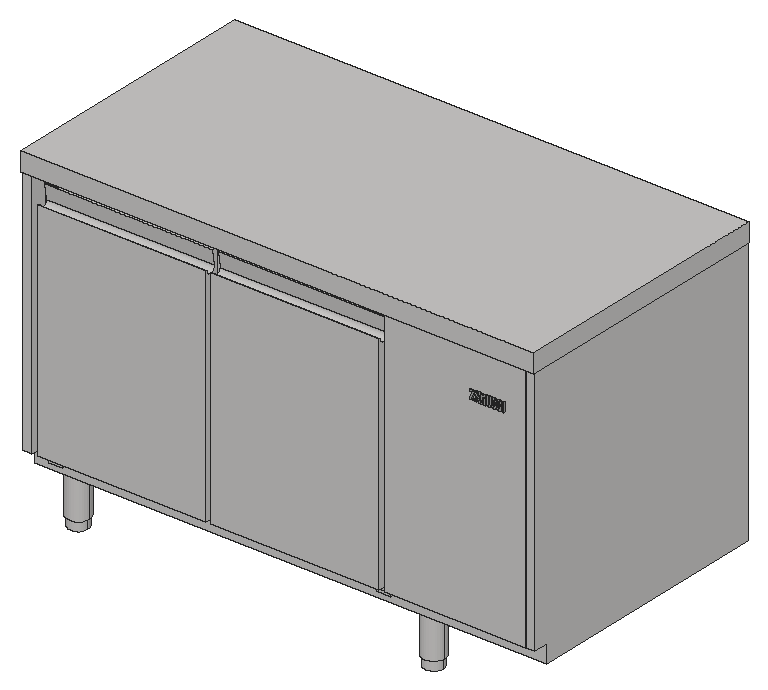
Revit family "QF_ZANUSSI_111024_ZH2HDAA", category Specialty Equipment, Revit 2018
Family settings
  Round Connector Dimension = Use Diameter
  Part Type = Normal
  Work Plane-Based = No
  Always vertical = Yes
  Cut with Voids When Loaded = No
  Shared = No
  Room Calculation Point = No
Parameters
  Weight = 0.00 kg
  Watts = 0.0232258 W
  Volts = 220 V
  URL Manufacturer = "http://www.zanussiprofessional.com/"
  URL = "http://www.zanussiprofessional.com/"
  Steam Supply Size = 0 mm
  Steam Supply Minimum Pressure = 0.0 Pa
  Steam Supply Maximum Pressure = 0.0 Pa
  Steam Pounds per Hour = 0
  Show Logo [instance] = yes
  Show Clearance [instance] = yes
  Refrigeration Suction Line Size = 0 mm
  Refrigeration Liquid Line Size = 0 mm
  Refrigerant Compressor Remote = yes
  Manufacturer = "Zanussi"
  Phase = 1
  Model = "ZH2HDAA"
  Length Actual = 1345 mm  # constant formula
  Item Number = "111024"
  Hot Water Size = 0 mm
  Height Actual = 900 mm  # constant formula
  HP = "0.3 HP"
  Gas Size = 0 mm
  Gas KW = 0
  Gas Input Pressure = 0 W
  Description = "2DOORS REFR.TABLE 290L-COOLING UNIT RGT"
  Depth Actual = 700 mm  # constant formula
  Cycle = 50 Hz
  Condensate Return Size = 0 mm
  Compressed Air Volume = 0.0 L/s
  Compressed Air Size = 0 mm
  Compressed Air Pressure = 0.0 Pa
  Cold Water Size = 0 mm
  Accessory = yes
Reference planes
  plane 1 "Center X": y = 182.5
  plane 2: z = 0
  plane 3 "Center Y": x = -126.5
  plane 4: y = -62.5
  plane 5: y = 451.5
  plane 6 "BACK": y = 532.5
  plane 7 "FRONT": y = -167.5
  plane 8: x = -731
  plane 9: x = 199
  plane 10: z = 150
  plane 11 "TOP": z = 900
  plane 12: z = 850
  plane 13 "LEFT": x = -797
  plane 14 "RIGHT": x = 544
  plane 15: x = -799
  plane 16: x = 546
Forms (mm)
  Extrusion 1, solid, material "QF_Finishes_Stainless Steel"
    sketch origin (-126.5, 2, 0) x (0, 1, 0) y (0, 0, 1)
      loop
        line (530.5, 150) -> (530.5, 850) -> (-124.5, 850) -> (-124.5, 150) -> (530.5, 150)
    from -670.5 to 670.5
  Extrusion 2, solid, material "QF_Finishes_Stainless Steel"
    sketch origin (-1022.223, -1524, 150) x (-1, 0, 0) y (0, -1, 0)
      loop
        line (-225.223, -1361.5) -> (-250.223, -1361.5) -> (-250.223, -1401.5) -> (-225.223, -1401.5) -> (-225.223, -1361.5)
      loop
        line (-1566.223, -1401.5) -> (-1541.223, -1401.5) -> (-1541.223, -1361.5) -> (-1566.223, -1361.5) -> (-1566.223, -1401.5)
    from 47 to 700
  Extrusion 3, solid, material "QF_Finishes_Stainless Steel"
    sketch origin (0, 0, 900) x (-1, 0, 0) y (0, -1, 0)
      loop
        circle (310, -94.5) r 8.45
    from -790.577 to -750
  Extrusion 4, solid, material "QF_Finishes_Stainless Steel"
    sketch origin (0, 0, 0) x (1, 0, 0) y (0, 1, 0)
      loop
        circle (460, 451.5) r 4
    from 109.423 to 150
  Extrusion 5, solid, material "QF_Finishes_Stainless Steel"
    sketch origin (-126.5, 0, 0) x (0, 1, 0) y (0, 0, 1)
      loop
        line (-167.5, 900) -> (-167.5, 850) -> (532.5, 850) -> (532.5, 900) -> (-167.5, 900)
    from 672.5 to -672.5
Cuts and joins
  joined: Extrusion 1, Extrusion 2
Lines and regions (mm)
  symbolic lines, style "SpecialityEquipmentHiddenLines"
    curve 1: line (-799, -122.5, 900) -> (546, -122.5, 900)
    curve 2: line (-675, -167.5, 900) -> (-675, -122.5, 900)
  symbolic lines, style "SpecialityEquipment"
    curve 3: line (-799, 532.5, 900) -> (546, 532.5, 900)
    curve 4: line (-799, 532.5, 900) -> (-799, -167.5, 900)
    curve 5: line (-799, -167.5, 900) -> (546, -167.5, 900)
    curve 6: line (546, -167.5, 900) -> (546, 532.5, 900)
Dimensions and locks
  locked: plane 6 "BACK" to plane 7 "FRONT" at 700
  equal spacing: plane 6 "BACK", plane 1 "Center X", plane 7 "FRONT"
  locked: plane 6 "BACK" to plane 5 at 81
  plane 10 to level = 150 mm
  plane 11 "TOP" to plane 12 to plane 10 = 50 mm locked, 700 mm locked
  locked: Extrusion 2 sketch curve to Extrusion 2 sketch curve at 25  (x2)
  locked: plane 4 to plane 7 "FRONT" at 105
  locked: plane 6 "BACK" to Extrusion 3 sketch curve at 438
  equal spacing: plane 13 "LEFT", plane 3 "Center Y", plane 14 "RIGHT"
  plane 15 to plane 16 = 1345 mm
  plane 13 "LEFT" to plane 8 = 66 mm
  plane 9 to plane 14 "RIGHT" = 345 mm
  plane 13 "LEFT" to Extrusion 3 sketch curve = 487 mm
  Extrusion 4 sketch curve to plane 14 "RIGHT" = 84 mm
  locked: plane 6 "BACK" to Extrusion 4 sketch curve at 81
  locked: plane 10 to Extrusion 4 at 40.577
  aligned and locked: level to plane 2
  aligned and locked: plane 10 to Extrusion 3
  aligned and locked: nested 4 to plane 4
  aligned and locked: nested 1 to plane 4
  aligned and locked: nested 3 to plane 5
  aligned and locked: nested 2 to plane 5
  aligned and locked: plane 8 to nested 1
  aligned and locked: plane 8 to nested 2
  aligned and locked: plane 9 to nested 4
  aligned and locked: plane 9 to nested 3
  aligned and locked: Extrusion 1 to Extrusion 2
  aligned and locked: Extrusion 2 to Extrusion 1
  aligned and locked: Extrusion 2 sketch curve to plane 14 "RIGHT"
  aligned and locked: plane 13 "LEFT" to Extrusion 2 sketch curve
  aligned and locked: cut or joined group of Extrusion 1, Extrusion 2 to plane 10
  aligned and locked: plane 12 to cut or joined group of Extrusion 1, Extrusion 2
  aligned and locked: plane 10 to Extrusion 4
  aligned and locked: Extrusion 5 sketch curve to plane 11 "TOP"
  aligned and locked: plane 7 "FRONT" to Extrusion 5 sketch curve
  aligned and locked: Extrusion 5 sketch curve to cut or joined group of Extrusion 1, Extrusion 2  (x2)
  aligned and locked: Extrusion 5 to curve 3
Automatic sketch dimensions
  plane 7 "FRONT" to Extrusion 2 sketch curve = 45 mm  (x2)
  plane 7 "FRONT" to Extrusion 2 sketch curve = 5 mm  (x2)
  curve 2 to plane 7 "FRONT" = 0 mm
  curve 5 to plane 15 = 0 mm
  curve 3 to plane 6 "BACK" = 0 mm
  plane 8 to curve 2 = 56 mm
  plane 7 "FRONT" to curve 1 = 45 mm
  Extrusion 1 sketch curve to plane 10 = 0 mm
  Extrusion 1 sketch curve to plane 12 = 0 mm
  Extrusion 1 sketch curve to plane 6 "BACK" = 0 mm
  plane 7 "FRONT" to Extrusion 1 sketch curve = 45 mm
  radius of Extrusion 3 sketch curve = 8.45 mm
  radius of Extrusion 4 sketch curve = 4 mm
Nested families
  nested 1: "Foot_Ø50_H150" at (-731, -62.5, 0), type "Foot_Ø50_H150"
  nested 2: "Foot_Ø50_H150" at (-731, 451.5, 0), type "Foot_Ø50_H150"
  nested 3: "Foot_Ø50_H150" at (199, 451.5, 0), type "Foot_Ø50_H150"
  nested 4: "Foot_Ø50_H150" at (199, -62.5, 0), type "Foot_Ø50_H150"
  nested 5: "Door" at (-84, -164.5, 0), Show Clearance <- "Show Clearance", type "Door"
  nested 6: "Door" at (-538, -164.5, 0) x (-1, 0, 0) z (0, 0, 1), Show Clearance <- "Show Clearance", type "Door"
  nested 7: "Refrigerator" at (544, -167.5, 900), type "Refrigerator"
  nested 8: "ZAN_Cooling Unit" at (334.5, -164.5, 0), Show Logo <- "Show Logo", type "ZAN_Cooling Unit"
Connectors
  electrical at (460, 451.5, 109.423), driven by "Volts"
    settings: on Extrusion 4, index 4, voltage 220 V, apparent load 0 VA, apparent load phase1 0 VA, apparent load phase2 0 VA, apparent load phase3 0 VA, power factor 1, load classification "Altro", number of poles 1, system type 30, power factor state 1, is connector primary yes, connector utility no, sub classification motor no, connector description "Electrical Connection"
  piping at (-310, 94.5, 109.423), diameter 17
    settings: on Extrusion 3, index 5, connector inside diameter 609.6 mm, connector length 0 mm, flow factor 0, pipe flow 0.0 L/s, pressure drop 0.0 Pa, fitting loss kfactor 0, connector angle 0.00°, fixture units 0, engagement length 0 mm, angle of deflection 0.00°, flow configuration 1, flow direction 2, fitting loss method 0, system type 16, joint type 0, gender type 0, connector reference index -1, connector utility 0, adjustable connector no, is connector primary yes, connector description "Drain"
Definition of nested family "Foot_Ø50_H150"
  Reference planes
    plane 1 "Centro (Fronte/Retro)": y = 0
    plane 2: z = 0
    plane 3 "Centro (Sinistra/Destra)": x = 0
    plane 4: z = 150
  Forms (mm)
    Revolve 1, solid
      sketch origin (255.05, 0, 608.09) x (0, 0, 1) y (-1, 0, 0)
        loop
          line (-608.09, 255.05) -> (-608.09, 230.05) -> (-583.09, 230.05) -> (-583.09, 226.05) -> (-458.09, 226.05) -> (-458.09, 255.05) -> (-608.09, 255.05)
        axis (-608.09, 255.05) -> (-458.09, 255.05)
      angle from 0 to 360
  Dimensions and locks
    locked: Revolve 1 sketch curve to Revolve 1 sketch curve at 125
    aligned and locked: level to plane 2
    aligned and locked: plane 4 to Revolve 1 sketch curve
    aligned and locked: Revolve 1 sketch curve to level
    aligned and locked: plane 3 "Centro (Sinistra/Destra)" to Revolve 1 sketch curve
Definition of nested family "Door"
  Parameters
    Show Clearance [instance] = yes
  Reference planes
    plane 1 "FRONT": y = -3
    plane 2: z = 0
    plane 3 "Centro (Sinistra/Destra)": x = 0
    plane 4: z = 150
    plane 5: z = 850
    plane 6: x = -234
    plane 7: x = 234
    plane 8: x = -220
    plane 9: x = 220
  Forms (mm)
    Extrusion 1, solid
      sketch origin (0, 53, 511) x (0, 0, 1) y (0, -1, 0)
        loop
          line (-323.003, 28.5) -> (-316.501, 28.5) -> (-316.501, 31) -> (-325.503, 31) -> (-325.503, 13.5) -> (-345.503, 13.5) -> (-345.503, 11) -> (-323.003, 11) -> (-323.003, 23.259) -> (-323.003, 28.5)
        loop
          line (-314, 27) -> (-316.501, 27) -> (-316.501, 18.501) -> (-319.752, 18.501) -> (-319.752, 16) -> (-314, 16) -> (-314, 27)
        loop
          line (315.003, 27) -> (315.003, 13.948) -> (315.003, 11) -> (327.503, 11) -> (327.503, 13.5) -> (317.503, 13.5) -> (317.503, 27) -> (315.003, 27)
      from 185 to 220
    Extrusion 2, solid, visible <- "Show Clearance", detail levels coarse
      sketch origin (0, 53, 511) x (0, -1, 0) y (1, 0, 0)
        loop
          line (51, 220) -> (51, -220)
          arc (51, -220) -> (339.234, -79.44) -> (454, 220) r 437.168
          line (454, 220) -> (51, 220)
      from -314 to 314
    Extrusion 3, solid
      sketch origin (0, 55, 511) x (0, 0, 1) y (0, -1, 0)
        loop
          line (314, 18) -> (314, 29) -> (274.395, 22.5)
          arc (274.395, 22.5) -> (260.395, 36.5) -> (274.395, 50.5) r 14
          line (274.395, 50.5) -> (274.395, 53) -> (-314, 53) -> (-314, 18) -> (314, 18)
      from -220 to 220
  Lines and regions (mm)
    symbolic lines
      curve 1: line (220, -3, 0) -> (220, -401, 0)
      curve 2: line (220, -401, 0) -> (185, -401, 0)
      curve 3: line (185, -401, 0) -> (185, -3, 0)
      curve 4: arc (-219.722, -3, 0) -> (-89.51, -275.368, 0) -> (185, -401, 0) r 442.855
  Dimensions and locks
    aligned and locked: level to plane 2
Definition of nested family "ZAN_Cooling Unit"
  Parameters
    Show Logo [instance] = yes
  Reference planes
    plane 1 "FRONT": y = -3
    plane 2: z = 0
    plane 3 "Centro (Sinistra/Destra)": x = 0
    plane 4: z = 150
    plane 5: z = 850
    plane 6: x = -184.5
    plane 7: x = 184.5
  Forms (mm)
    Extrusion 1, solid
      sketch origin (0, 55, 511) x (0, 0, 1) y (0, -1, 0)
        loop
          line (-314, 53) -> (-314, 13) -> (339, 13) -> (339, 53) -> (-314, 53)
      from -184.5 to 184.5
  Lines and regions (mm)
    Split face 1
      outline origin (0, 2, 197) x (0, 0, 1) y (-1, 0, 0)
        loop
          line (566.835, 184.5) -> (566.835, -184.5)
        loop
          line (521.835, 184.5) -> (521.835, -184.5)
    Split face 2
      outline origin (0, 2, 197) x (0, 0, 1) y (-1, 0, 0)
        loop
          arc (510.649, 158.547) -> (506.648, 162.548) -> (502.647, 158.547) r 4.001
          line (502.647, 158.547) -> (502.647, 116.535)
          arc (502.647, 116.535) -> (506.648, 112.533) -> (510.649, 116.535) r 4.001
          line (510.649, 116.535) -> (510.649, 158.547)
    Split face 3
      outline origin (0, 2, 184.996) x (0, 0, 1) y (-1, 0, 0)
        loop
          arc (510.649, 158.547) -> (506.648, 162.548) -> (502.647, 158.547) r 4.001
          line (502.647, 158.547) -> (502.647, 116.535)
          arc (502.647, 116.535) -> (506.648, 112.533) -> (510.649, 116.535) r 4.001
          line (510.649, 116.535) -> (510.649, 158.547)
    Split face 4
      outline origin (0, 2, 172.993) x (0, 0, 1) y (-1, 0, 0)
        loop
          arc (510.649, 158.547) -> (506.648, 162.548) -> (502.647, 158.547) r 4.001
          line (502.647, 158.547) -> (502.647, 116.535)
          arc (502.647, 116.535) -> (506.648, 112.533) -> (510.649, 116.535) r 4.001
          line (510.649, 116.535) -> (510.649, 158.547)
    Split face 5
      outline origin (0, 2, 160.989) x (0, 0, 1) y (-1, 0, 0)
        loop
          arc (510.649, 158.547) -> (506.648, 162.548) -> (502.647, 158.547) r 4.001
          line (502.647, 158.547) -> (502.647, 116.535)
          arc (502.647, 116.535) -> (506.648, 112.533) -> (510.649, 116.535) r 4.001
          line (510.649, 116.535) -> (510.649, 158.547)
    Split face 6
      outline origin (0, 2, 148.986) x (0, 0, 1) y (-1, 0, 0)
        loop
          arc (510.649, 158.547) -> (506.648, 162.548) -> (502.647, 158.547) r 4.001
          line (502.647, 158.547) -> (502.647, 116.535)
          arc (502.647, 116.535) -> (506.648, 112.533) -> (510.649, 116.535) r 4.001
          line (510.649, 116.535) -> (510.649, 158.547)
    Split face 7
      outline origin (0, 2, 136.982) x (0, 0, 1) y (-1, 0, 0)
        loop
          arc (510.649, 158.547) -> (506.648, 162.548) -> (502.647, 158.547) r 4.001
          line (502.647, 158.547) -> (502.647, 116.535)
          arc (502.647, 116.535) -> (506.648, 112.533) -> (510.649, 116.535) r 4.001
          line (510.649, 116.535) -> (510.649, 158.547)
    Split face 8
      outline origin (0, 2, 124.979) x (0, 0, 1) y (-1, 0, 0)
        loop
          arc (510.649, 158.547) -> (506.648, 162.548) -> (502.647, 158.547) r 4.001
          line (502.647, 158.547) -> (502.647, 116.535)
          arc (502.647, 116.535) -> (506.648, 112.533) -> (510.649, 116.535) r 4.001
          line (510.649, 116.535) -> (510.649, 158.547)
    Split face 9
      outline origin (0, 2, 112.975) x (0, 0, 1) y (-1, 0, 0)
        loop
          arc (510.649, 158.547) -> (506.648, 162.548) -> (502.647, 158.547) r 4.001
          line (502.647, 158.547) -> (502.647, 116.535)
          arc (502.647, 116.535) -> (506.648, 112.533) -> (510.649, 116.535) r 4.001
          line (510.649, 116.535) -> (510.649, 158.547)
    Split face 10
      outline origin (0, 2, 100.972) x (0, 0, 1) y (-1, 0, 0)
        loop
          arc (510.649, 158.547) -> (506.648, 162.548) -> (502.647, 158.547) r 4.001
          line (502.647, 158.547) -> (502.647, 116.535)
          arc (502.647, 116.535) -> (506.648, 112.533) -> (510.649, 116.535) r 4.001
          line (510.649, 116.535) -> (510.649, 158.547)
    Split face 11
      outline origin (0, 2, 88.968) x (0, 0, 1) y (-1, 0, 0)
        loop
          arc (510.649, 158.547) -> (506.648, 162.548) -> (502.647, 158.547) r 4.001
          line (502.647, 158.547) -> (502.647, 116.535)
          arc (502.647, 116.535) -> (506.648, 112.533) -> (510.649, 116.535) r 4.001
          line (510.649, 116.535) -> (510.649, 158.547)
    Split face 12
      outline origin (0, 2, 76.965) x (0, 0, 1) y (-1, 0, 0)
        loop
          arc (510.649, 158.547) -> (506.648, 162.548) -> (502.647, 158.547) r 4.001
          line (502.647, 158.547) -> (502.647, 116.535)
          arc (502.647, 116.535) -> (506.648, 112.533) -> (510.649, 116.535) r 4.001
          line (510.649, 116.535) -> (510.649, 158.547)
    Split face 13
      outline origin (0, 2, 64.961) x (0, 0, 1) y (-1, 0, 0)
        loop
          arc (510.649, 158.547) -> (506.648, 162.548) -> (502.647, 158.547) r 4.001
          line (502.647, 158.547) -> (502.647, 116.535)
          arc (502.647, 116.535) -> (506.648, 112.533) -> (510.649, 116.535) r 4.001
          line (510.649, 116.535) -> (510.649, 158.547)
    Split face 14
      outline origin (0, 2, 52.958) x (0, 0, 1) y (-1, 0, 0)
        loop
          arc (510.649, 158.547) -> (506.648, 162.548) -> (502.647, 158.547) r 4.001
          line (502.647, 158.547) -> (502.647, 116.535)
          arc (502.647, 116.535) -> (506.648, 112.533) -> (510.649, 116.535) r 4.001
          line (510.649, 116.535) -> (510.649, 158.547)
    Split face 15
      outline origin (0, 2, 40.954) x (0, 0, 1) y (-1, 0, 0)
        loop
          arc (510.649, 158.547) -> (506.648, 162.548) -> (502.647, 158.547) r 4.001
          line (502.647, 158.547) -> (502.647, 116.535)
          arc (502.647, 116.535) -> (506.648, 112.533) -> (510.649, 116.535) r 4.001
          line (510.649, 116.535) -> (510.649, 158.547)
    Split face 16
      outline origin (0, 2, 28.951) x (0, 0, 1) y (-1, 0, 0)
        loop
          arc (510.649, 158.547) -> (506.648, 162.548) -> (502.647, 158.547) r 4.001
          line (502.647, 158.547) -> (502.647, 116.535)
          arc (502.647, 116.535) -> (506.648, 112.533) -> (510.649, 116.535) r 4.001
          line (510.649, 116.535) -> (510.649, 158.547)
    Split face 17
      outline origin (0, 2, 16.947) x (0, 0, 1) y (-1, 0, 0)
        loop
          arc (510.649, 158.547) -> (506.648, 162.548) -> (502.647, 158.547) r 4.001
          line (502.647, 158.547) -> (502.647, 116.535)
          arc (502.647, 116.535) -> (506.648, 112.533) -> (510.649, 116.535) r 4.001
          line (510.649, 116.535) -> (510.649, 158.547)
    Split face 18
      outline origin (55.016, 2, 197) x (0, 0, 1) y (-1, 0, 0)
        loop
          arc (510.649, 158.547) -> (506.648, 162.548) -> (502.647, 158.547) r 4.001
          line (502.647, 158.547) -> (502.647, 116.535)
          arc (502.647, 116.535) -> (506.648, 112.533) -> (510.649, 116.535) r 4.001
          line (510.649, 116.535) -> (510.649, 158.547)
    Split face 19
      outline origin (55.016, 2, 184.996) x (0, 0, 1) y (-1, 0, 0)
        loop
          arc (510.649, 158.547) -> (506.648, 162.548) -> (502.647, 158.547) r 4.001
          line (502.647, 158.547) -> (502.647, 116.535)
          arc (502.647, 116.535) -> (506.648, 112.533) -> (510.649, 116.535) r 4.001
          line (510.649, 116.535) -> (510.649, 158.547)
    Split face 20
      outline origin (55.016, 2, 172.993) x (0, 0, 1) y (-1, 0, 0)
        loop
          arc (510.649, 158.547) -> (506.648, 162.548) -> (502.647, 158.547) r 4.001
          line (502.647, 158.547) -> (502.647, 116.535)
          arc (502.647, 116.535) -> (506.648, 112.533) -> (510.649, 116.535) r 4.001
          line (510.649, 116.535) -> (510.649, 158.547)
    Split face 21
      outline origin (55.016, 2, 160.989) x (0, 0, 1) y (-1, 0, 0)
        loop
          arc (510.649, 158.547) -> (506.648, 162.548) -> (502.647, 158.547) r 4.001
          line (502.647, 158.547) -> (502.647, 116.535)
          arc (502.647, 116.535) -> (506.648, 112.533) -> (510.649, 116.535) r 4.001
          line (510.649, 116.535) -> (510.649, 158.547)
    Split face 22
      outline origin (55.016, 2, 148.986) x (0, 0, 1) y (-1, 0, 0)
        loop
          arc (510.649, 158.547) -> (506.648, 162.548) -> (502.647, 158.547) r 4.001
          line (502.647, 158.547) -> (502.647, 116.535)
          arc (502.647, 116.535) -> (506.648, 112.533) -> (510.649, 116.535) r 4.001
          line (510.649, 116.535) -> (510.649, 158.547)
    Split face 23
      outline origin (55.016, 2, 136.982) x (0, 0, 1) y (-1, 0, 0)
        loop
          arc (510.649, 158.547) -> (506.648, 162.548) -> (502.647, 158.547) r 4.001
          line (502.647, 158.547) -> (502.647, 116.535)
          arc (502.647, 116.535) -> (506.648, 112.533) -> (510.649, 116.535) r 4.001
          line (510.649, 116.535) -> (510.649, 158.547)
    Split face 24
      outline origin (55.016, 2, 124.979) x (0, 0, 1) y (-1, 0, 0)
        loop
          arc (510.649, 158.547) -> (506.648, 162.548) -> (502.647, 158.547) r 4.001
          line (502.647, 158.547) -> (502.647, 116.535)
          arc (502.647, 116.535) -> (506.648, 112.533) -> (510.649, 116.535) r 4.001
          line (510.649, 116.535) -> (510.649, 158.547)
    Split face 25
      outline origin (55.016, 2, 112.975) x (0, 0, 1) y (-1, 0, 0)
        loop
          arc (510.649, 158.547) -> (506.648, 162.548) -> (502.647, 158.547) r 4.001
          line (502.647, 158.547) -> (502.647, 116.535)
          arc (502.647, 116.535) -> (506.648, 112.533) -> (510.649, 116.535) r 4.001
          line (510.649, 116.535) -> (510.649, 158.547)
    Split face 26
      outline origin (55.016, 2, 100.972) x (0, 0, 1) y (-1, 0, 0)
        loop
          arc (510.649, 158.547) -> (506.648, 162.548) -> (502.647, 158.547) r 4.001
          line (502.647, 158.547) -> (502.647, 116.535)
          arc (502.647, 116.535) -> (506.648, 112.533) -> (510.649, 116.535) r 4.001
          line (510.649, 116.535) -> (510.649, 158.547)
    Split face 27
      outline origin (55.016, 2, 88.968) x (0, 0, 1) y (-1, 0, 0)
        loop
          arc (510.649, 158.547) -> (506.648, 162.548) -> (502.647, 158.547) r 4.001
          line (502.647, 158.547) -> (502.647, 116.535)
          arc (502.647, 116.535) -> (506.648, 112.533) -> (510.649, 116.535) r 4.001
          line (510.649, 116.535) -> (510.649, 158.547)
    Split face 28
      outline origin (55.016, 2, 76.965) x (0, 0, 1) y (-1, 0, 0)
        loop
          arc (510.649, 158.547) -> (506.648, 162.548) -> (502.647, 158.547) r 4.001
          line (502.647, 158.547) -> (502.647, 116.535)
          arc (502.647, 116.535) -> (506.648, 112.533) -> (510.649, 116.535) r 4.001
          line (510.649, 116.535) -> (510.649, 158.547)
    Split face 29
      outline origin (55.016, 2, 64.961) x (0, 0, 1) y (-1, 0, 0)
        loop
          arc (510.649, 158.547) -> (506.648, 162.548) -> (502.647, 158.547) r 4.001
          line (502.647, 158.547) -> (502.647, 116.535)
          arc (502.647, 116.535) -> (506.648, 112.533) -> (510.649, 116.535) r 4.001
          line (510.649, 116.535) -> (510.649, 158.547)
    Split face 30
      outline origin (55.016, 2, 52.958) x (0, 0, 1) y (-1, 0, 0)
        loop
          arc (510.649, 158.547) -> (506.648, 162.548) -> (502.647, 158.547) r 4.001
          line (502.647, 158.547) -> (502.647, 116.535)
          arc (502.647, 116.535) -> (506.648, 112.533) -> (510.649, 116.535) r 4.001
          line (510.649, 116.535) -> (510.649, 158.547)
    Split face 31
      outline origin (55.016, 2, 40.954) x (0, 0, 1) y (-1, 0, 0)
        loop
          arc (510.649, 158.547) -> (506.648, 162.548) -> (502.647, 158.547) r 4.001
          line (502.647, 158.547) -> (502.647, 116.535)
          arc (502.647, 116.535) -> (506.648, 112.533) -> (510.649, 116.535) r 4.001
          line (510.649, 116.535) -> (510.649, 158.547)
    Split face 32
      outline origin (55.016, 2, 28.951) x (0, 0, 1) y (-1, 0, 0)
        loop
          arc (510.649, 158.547) -> (506.648, 162.548) -> (502.647, 158.547) r 4.001
          line (502.647, 158.547) -> (502.647, 116.535)
          arc (502.647, 116.535) -> (506.648, 112.533) -> (510.649, 116.535) r 4.001
          line (510.649, 116.535) -> (510.649, 158.547)
    Split face 33
      outline origin (55.016, 2, 16.947) x (0, 0, 1) y (-1, 0, 0)
        loop
          arc (510.649, 158.547) -> (506.648, 162.548) -> (502.647, 158.547) r 4.001
          line (502.647, 158.547) -> (502.647, 116.535)
          arc (502.647, 116.535) -> (506.648, 112.533) -> (510.649, 116.535) r 4.001
          line (510.649, 116.535) -> (510.649, 158.547)
    Split face 34
      outline origin (110.032, 2, 197) x (0, 0, 1) y (-1, 0, 0)
        loop
          arc (510.649, 158.547) -> (506.648, 162.548) -> (502.647, 158.547) r 4.001
          line (502.647, 158.547) -> (502.647, 116.535)
          arc (502.647, 116.535) -> (506.648, 112.533) -> (510.649, 116.535) r 4.001
          line (510.649, 116.535) -> (510.649, 158.547)
    Split face 35
      outline origin (110.032, 2, 184.996) x (0, 0, 1) y (-1, 0, 0)
        loop
          arc (510.649, 158.547) -> (506.648, 162.548) -> (502.647, 158.547) r 4.001
          line (502.647, 158.547) -> (502.647, 116.535)
          arc (502.647, 116.535) -> (506.648, 112.533) -> (510.649, 116.535) r 4.001
          line (510.649, 116.535) -> (510.649, 158.547)
    Split face 36
      outline origin (110.032, 2, 172.993) x (0, 0, 1) y (-1, 0, 0)
        loop
          arc (510.649, 158.547) -> (506.648, 162.548) -> (502.647, 158.547) r 4.001
          line (502.647, 158.547) -> (502.647, 116.535)
          arc (502.647, 116.535) -> (506.648, 112.533) -> (510.649, 116.535) r 4.001
          line (510.649, 116.535) -> (510.649, 158.547)
    Split face 37
      outline origin (110.032, 2, 160.989) x (0, 0, 1) y (-1, 0, 0)
        loop
          arc (510.649, 158.547) -> (506.648, 162.548) -> (502.647, 158.547) r 4.001
          line (502.647, 158.547) -> (502.647, 116.535)
          arc (502.647, 116.535) -> (506.648, 112.533) -> (510.649, 116.535) r 4.001
          line (510.649, 116.535) -> (510.649, 158.547)
    Split face 38
      outline origin (110.032, 2, 148.986) x (0, 0, 1) y (-1, 0, 0)
        loop
          arc (510.649, 158.547) -> (506.648, 162.548) -> (502.647, 158.547) r 4.001
          line (502.647, 158.547) -> (502.647, 116.535)
          arc (502.647, 116.535) -> (506.648, 112.533) -> (510.649, 116.535) r 4.001
          line (510.649, 116.535) -> (510.649, 158.547)
    Split face 39
      outline origin (110.032, 2, 136.982) x (0, 0, 1) y (-1, 0, 0)
        loop
          arc (510.649, 158.547) -> (506.648, 162.548) -> (502.647, 158.547) r 4.001
          line (502.647, 158.547) -> (502.647, 116.535)
          arc (502.647, 116.535) -> (506.648, 112.533) -> (510.649, 116.535) r 4.001
          line (510.649, 116.535) -> (510.649, 158.547)
    Split face 40
      outline origin (110.032, 2, 124.979) x (0, 0, 1) y (-1, 0, 0)
        loop
          arc (510.649, 158.547) -> (506.648, 162.548) -> (502.647, 158.547) r 4.001
          line (502.647, 158.547) -> (502.647, 116.535)
          arc (502.647, 116.535) -> (506.648, 112.533) -> (510.649, 116.535) r 4.001
          line (510.649, 116.535) -> (510.649, 158.547)
    Split face 41
      outline origin (110.032, 2, 112.975) x (0, 0, 1) y (-1, 0, 0)
        loop
          arc (510.649, 158.547) -> (506.648, 162.548) -> (502.647, 158.547) r 4.001
          line (502.647, 158.547) -> (502.647, 116.535)
          arc (502.647, 116.535) -> (506.648, 112.533) -> (510.649, 116.535) r 4.001
          line (510.649, 116.535) -> (510.649, 158.547)
    Split face 42
      outline origin (110.032, 2, 100.972) x (0, 0, 1) y (-1, 0, 0)
        loop
          arc (510.649, 158.547) -> (506.648, 162.548) -> (502.647, 158.547) r 4.001
          line (502.647, 158.547) -> (502.647, 116.535)
          arc (502.647, 116.535) -> (506.648, 112.533) -> (510.649, 116.535) r 4.001
          line (510.649, 116.535) -> (510.649, 158.547)
    Split face 43
      outline origin (110.032, 2, 88.968) x (0, 0, 1) y (-1, 0, 0)
        loop
          arc (510.649, 158.547) -> (506.648, 162.548) -> (502.647, 158.547) r 4.001
          line (502.647, 158.547) -> (502.647, 116.535)
          arc (502.647, 116.535) -> (506.648, 112.533) -> (510.649, 116.535) r 4.001
          line (510.649, 116.535) -> (510.649, 158.547)
    Split face 44
      outline origin (110.032, 2, 76.965) x (0, 0, 1) y (-1, 0, 0)
        loop
          arc (510.649, 158.547) -> (506.648, 162.548) -> (502.647, 158.547) r 4.001
          line (502.647, 158.547) -> (502.647, 116.535)
          arc (502.647, 116.535) -> (506.648, 112.533) -> (510.649, 116.535) r 4.001
          line (510.649, 116.535) -> (510.649, 158.547)
    Split face 45
      outline origin (110.032, 2, 64.961) x (0, 0, 1) y (-1, 0, 0)
        loop
          arc (510.649, 158.547) -> (506.648, 162.548) -> (502.647, 158.547) r 4.001
          line (502.647, 158.547) -> (502.647, 116.535)
          arc (502.647, 116.535) -> (506.648, 112.533) -> (510.649, 116.535) r 4.001
          line (510.649, 116.535) -> (510.649, 158.547)
    Split face 46
      outline origin (110.032, 2, 52.958) x (0, 0, 1) y (-1, 0, 0)
        loop
          arc (510.649, 158.547) -> (506.648, 162.548) -> (502.647, 158.547) r 4.001
          line (502.647, 158.547) -> (502.647, 116.535)
          arc (502.647, 116.535) -> (506.648, 112.533) -> (510.649, 116.535) r 4.001
          line (510.649, 116.535) -> (510.649, 158.547)
    Split face 47
      outline origin (110.032, 2, 40.954) x (0, 0, 1) y (-1, 0, 0)
        loop
          arc (510.649, 158.547) -> (506.648, 162.548) -> (502.647, 158.547) r 4.001
          line (502.647, 158.547) -> (502.647, 116.535)
          arc (502.647, 116.535) -> (506.648, 112.533) -> (510.649, 116.535) r 4.001
          line (510.649, 116.535) -> (510.649, 158.547)
    Split face 48
      outline origin (110.032, 2, 28.951) x (0, 0, 1) y (-1, 0, 0)
        loop
          arc (510.649, 158.547) -> (506.648, 162.548) -> (502.647, 158.547) r 4.001
          line (502.647, 158.547) -> (502.647, 116.535)
          arc (502.647, 116.535) -> (506.648, 112.533) -> (510.649, 116.535) r 4.001
          line (510.649, 116.535) -> (510.649, 158.547)
    Split face 49
      outline origin (110.032, 2, 16.947) x (0, 0, 1) y (-1, 0, 0)
        loop
          arc (510.649, 158.547) -> (506.648, 162.548) -> (502.647, 158.547) r 4.001
          line (502.647, 158.547) -> (502.647, 116.535)
          arc (502.647, 116.535) -> (506.648, 112.533) -> (510.649, 116.535) r 4.001
          line (510.649, 116.535) -> (510.649, 158.547)
    Split face 50
      outline origin (165.048, 2, 197) x (0, 0, 1) y (-1, 0, 0)
        loop
          arc (510.649, 158.547) -> (506.648, 162.548) -> (502.647, 158.547) r 4.001
          line (502.647, 158.547) -> (502.647, 116.535)
          arc (502.647, 116.535) -> (506.648, 112.533) -> (510.649, 116.535) r 4.001
          line (510.649, 116.535) -> (510.649, 158.547)
    Split face 51
      outline origin (165.048, 2, 184.996) x (0, 0, 1) y (-1, 0, 0)
        loop
          arc (510.649, 158.547) -> (506.648, 162.548) -> (502.647, 158.547) r 4.001
          line (502.647, 158.547) -> (502.647, 116.535)
          arc (502.647, 116.535) -> (506.648, 112.533) -> (510.649, 116.535) r 4.001
          line (510.649, 116.535) -> (510.649, 158.547)
    Split face 52
      outline origin (165.048, 2, 172.993) x (0, 0, 1) y (-1, 0, 0)
        loop
          arc (510.649, 158.547) -> (506.648, 162.548) -> (502.647, 158.547) r 4.001
          line (502.647, 158.547) -> (502.647, 116.535)
          arc (502.647, 116.535) -> (506.648, 112.533) -> (510.649, 116.535) r 4.001
          line (510.649, 116.535) -> (510.649, 158.547)
    Split face 53
      outline origin (165.048, 2, 160.989) x (0, 0, 1) y (-1, 0, 0)
        loop
          arc (510.649, 158.547) -> (506.648, 162.548) -> (502.647, 158.547) r 4.001
          line (502.647, 158.547) -> (502.647, 116.535)
          arc (502.647, 116.535) -> (506.648, 112.533) -> (510.649, 116.535) r 4.001
          line (510.649, 116.535) -> (510.649, 158.547)
    Split face 54
      outline origin (165.048, 2, 148.986) x (0, 0, 1) y (-1, 0, 0)
        loop
          arc (510.649, 158.547) -> (506.648, 162.548) -> (502.647, 158.547) r 4.001
          line (502.647, 158.547) -> (502.647, 116.535)
          arc (502.647, 116.535) -> (506.648, 112.533) -> (510.649, 116.535) r 4.001
          line (510.649, 116.535) -> (510.649, 158.547)
    Split face 55
      outline origin (165.048, 2, 136.982) x (0, 0, 1) y (-1, 0, 0)
        loop
          arc (510.649, 158.547) -> (506.648, 162.548) -> (502.647, 158.547) r 4.001
          line (502.647, 158.547) -> (502.647, 116.535)
          arc (502.647, 116.535) -> (506.648, 112.533) -> (510.649, 116.535) r 4.001
          line (510.649, 116.535) -> (510.649, 158.547)
    Split face 56
      outline origin (165.048, 2, 124.979) x (0, 0, 1) y (-1, 0, 0)
        loop
          arc (510.649, 158.547) -> (506.648, 162.548) -> (502.647, 158.547) r 4.001
          line (502.647, 158.547) -> (502.647, 116.535)
          arc (502.647, 116.535) -> (506.648, 112.533) -> (510.649, 116.535) r 4.001
          line (510.649, 116.535) -> (510.649, 158.547)
    Split face 57
      outline origin (165.048, 2, 112.975) x (0, 0, 1) y (-1, 0, 0)
        loop
          arc (510.649, 158.547) -> (506.648, 162.548) -> (502.647, 158.547) r 4.001
          line (502.647, 158.547) -> (502.647, 116.535)
          arc (502.647, 116.535) -> (506.648, 112.533) -> (510.649, 116.535) r 4.001
          line (510.649, 116.535) -> (510.649, 158.547)
    Split face 58
      outline origin (165.048, 2, 100.972) x (0, 0, 1) y (-1, 0, 0)
        loop
          arc (510.649, 158.547) -> (506.648, 162.548) -> (502.647, 158.547) r 4.001
          line (502.647, 158.547) -> (502.647, 116.535)
          arc (502.647, 116.535) -> (506.648, 112.533) -> (510.649, 116.535) r 4.001
          line (510.649, 116.535) -> (510.649, 158.547)
    Split face 59
      outline origin (165.048, 2, 88.968) x (0, 0, 1) y (-1, 0, 0)
        loop
          arc (510.649, 158.547) -> (506.648, 162.548) -> (502.647, 158.547) r 4.001
          line (502.647, 158.547) -> (502.647, 116.535)
          arc (502.647, 116.535) -> (506.648, 112.533) -> (510.649, 116.535) r 4.001
          line (510.649, 116.535) -> (510.649, 158.547)
    Split face 60
      outline origin (165.048, 2, 76.965) x (0, 0, 1) y (-1, 0, 0)
        loop
          arc (510.649, 158.547) -> (506.648, 162.548) -> (502.647, 158.547) r 4.001
          line (502.647, 158.547) -> (502.647, 116.535)
          arc (502.647, 116.535) -> (506.648, 112.533) -> (510.649, 116.535) r 4.001
          line (510.649, 116.535) -> (510.649, 158.547)
    Split face 61
      outline origin (165.048, 2, 64.961) x (0, 0, 1) y (-1, 0, 0)
        loop
          arc (510.649, 158.547) -> (506.648, 162.548) -> (502.647, 158.547) r 4.001
          line (502.647, 158.547) -> (502.647, 116.535)
          arc (502.647, 116.535) -> (506.648, 112.533) -> (510.649, 116.535) r 4.001
          line (510.649, 116.535) -> (510.649, 158.547)
    Split face 62
      outline origin (165.048, 2, 52.958) x (0, 0, 1) y (-1, 0, 0)
        loop
          arc (510.649, 158.547) -> (506.648, 162.548) -> (502.647, 158.547) r 4.001
          line (502.647, 158.547) -> (502.647, 116.535)
          arc (502.647, 116.535) -> (506.648, 112.533) -> (510.649, 116.535) r 4.001
          line (510.649, 116.535) -> (510.649, 158.547)
    Split face 63
      outline origin (165.048, 2, 40.954) x (0, 0, 1) y (-1, 0, 0)
        loop
          arc (510.649, 158.547) -> (506.648, 162.548) -> (502.647, 158.547) r 4.001
          line (502.647, 158.547) -> (502.647, 116.535)
          arc (502.647, 116.535) -> (506.648, 112.533) -> (510.649, 116.535) r 4.001
          line (510.649, 116.535) -> (510.649, 158.547)
    Split face 64
      outline origin (165.048, 2, 28.951) x (0, 0, 1) y (-1, 0, 0)
        loop
          arc (510.649, 158.547) -> (506.648, 162.548) -> (502.647, 158.547) r 4.001
          line (502.647, 158.547) -> (502.647, 116.535)
          arc (502.647, 116.535) -> (506.648, 112.533) -> (510.649, 116.535) r 4.001
          line (510.649, 116.535) -> (510.649, 158.547)
    Split face 65
      outline origin (165.048, 2, 16.947) x (0, 0, 1) y (-1, 0, 0)
        loop
          arc (510.649, 158.547) -> (506.648, 162.548) -> (502.647, 158.547) r 4.001
          line (502.647, 158.547) -> (502.647, 116.535)
          arc (502.647, 116.535) -> (506.648, 112.533) -> (510.649, 116.535) r 4.001
          line (510.649, 116.535) -> (510.649, 158.547)
    Split face 66
      outline origin (220.064, 2, 197) x (0, 0, 1) y (-1, 0, 0)
        loop
          arc (510.649, 158.547) -> (506.648, 162.548) -> (502.647, 158.547) r 4.001
          line (502.647, 158.547) -> (502.647, 116.535)
          arc (502.647, 116.535) -> (506.648, 112.533) -> (510.649, 116.535) r 4.001
          line (510.649, 116.535) -> (510.649, 158.547)
    Split face 67
      outline origin (220.064, 2, 184.996) x (0, 0, 1) y (-1, 0, 0)
        loop
          arc (510.649, 158.547) -> (506.648, 162.548) -> (502.647, 158.547) r 4.001
          line (502.647, 158.547) -> (502.647, 116.535)
          arc (502.647, 116.535) -> (506.648, 112.533) -> (510.649, 116.535) r 4.001
          line (510.649, 116.535) -> (510.649, 158.547)
    Split face 68
      outline origin (220.064, 2, 172.993) x (0, 0, 1) y (-1, 0, 0)
        loop
          arc (510.649, 158.547) -> (506.648, 162.548) -> (502.647, 158.547) r 4.001
          line (502.647, 158.547) -> (502.647, 116.535)
          arc (502.647, 116.535) -> (506.648, 112.533) -> (510.649, 116.535) r 4.001
          line (510.649, 116.535) -> (510.649, 158.547)
    Split face 69
      outline origin (220.064, 2, 160.989) x (0, 0, 1) y (-1, 0, 0)
        loop
          arc (510.649, 158.547) -> (506.648, 162.548) -> (502.647, 158.547) r 4.001
          line (502.647, 158.547) -> (502.647, 116.535)
          arc (502.647, 116.535) -> (506.648, 112.533) -> (510.649, 116.535) r 4.001
          line (510.649, 116.535) -> (510.649, 158.547)
    Split face 70
      outline origin (220.064, 2, 148.986) x (0, 0, 1) y (-1, 0, 0)
        loop
          arc (510.649, 158.547) -> (506.648, 162.548) -> (502.647, 158.547) r 4.001
          line (502.647, 158.547) -> (502.647, 116.535)
          arc (502.647, 116.535) -> (506.648, 112.533) -> (510.649, 116.535) r 4.001
          line (510.649, 116.535) -> (510.649, 158.547)
    Split face 71
      outline origin (220.064, 2, 136.982) x (0, 0, 1) y (-1, 0, 0)
        loop
          arc (510.649, 158.547) -> (506.648, 162.548) -> (502.647, 158.547) r 4.001
          line (502.647, 158.547) -> (502.647, 116.535)
          arc (502.647, 116.535) -> (506.648, 112.533) -> (510.649, 116.535) r 4.001
          line (510.649, 116.535) -> (510.649, 158.547)
    Split face 72
      outline origin (220.064, 2, 124.979) x (0, 0, 1) y (-1, 0, 0)
        loop
          arc (510.649, 158.547) -> (506.648, 162.548) -> (502.647, 158.547) r 4.001
          line (502.647, 158.547) -> (502.647, 116.535)
          arc (502.647, 116.535) -> (506.648, 112.533) -> (510.649, 116.535) r 4.001
          line (510.649, 116.535) -> (510.649, 158.547)
    Split face 73
      outline origin (220.064, 2, 112.975) x (0, 0, 1) y (-1, 0, 0)
        loop
          arc (510.649, 158.547) -> (506.648, 162.548) -> (502.647, 158.547) r 4.001
          line (502.647, 158.547) -> (502.647, 116.535)
          arc (502.647, 116.535) -> (506.648, 112.533) -> (510.649, 116.535) r 4.001
          line (510.649, 116.535) -> (510.649, 158.547)
    Split face 74
      outline origin (220.064, 2, 100.972) x (0, 0, 1) y (-1, 0, 0)
        loop
          arc (510.649, 158.547) -> (506.648, 162.548) -> (502.647, 158.547) r 4.001
          line (502.647, 158.547) -> (502.647, 116.535)
          arc (502.647, 116.535) -> (506.648, 112.533) -> (510.649, 116.535) r 4.001
          line (510.649, 116.535) -> (510.649, 158.547)
    Split face 75
      outline origin (220.064, 2, 88.968) x (0, 0, 1) y (-1, 0, 0)
        loop
          arc (510.649, 158.547) -> (506.648, 162.548) -> (502.647, 158.547) r 4.001
          line (502.647, 158.547) -> (502.647, 116.535)
          arc (502.647, 116.535) -> (506.648, 112.533) -> (510.649, 116.535) r 4.001
          line (510.649, 116.535) -> (510.649, 158.547)
    Split face 76
      outline origin (220.064, 2, 76.965) x (0, 0, 1) y (-1, 0, 0)
        loop
          arc (510.649, 158.547) -> (506.648, 162.548) -> (502.647, 158.547) r 4.001
          line (502.647, 158.547) -> (502.647, 116.535)
          arc (502.647, 116.535) -> (506.648, 112.533) -> (510.649, 116.535) r 4.001
          line (510.649, 116.535) -> (510.649, 158.547)
    Split face 77
      outline origin (220.064, 2, 64.961) x (0, 0, 1) y (-1, 0, 0)
        loop
          arc (510.649, 158.547) -> (506.648, 162.548) -> (502.647, 158.547) r 4.001
          line (502.647, 158.547) -> (502.647, 116.535)
          arc (502.647, 116.535) -> (506.648, 112.533) -> (510.649, 116.535) r 4.001
          line (510.649, 116.535) -> (510.649, 158.547)
    Split face 78
      outline origin (220.064, 2, 52.958) x (0, 0, 1) y (-1, 0, 0)
        loop
          arc (510.649, 158.547) -> (506.648, 162.548) -> (502.647, 158.547) r 4.001
          line (502.647, 158.547) -> (502.647, 116.535)
          arc (502.647, 116.535) -> (506.648, 112.533) -> (510.649, 116.535) r 4.001
          line (510.649, 116.535) -> (510.649, 158.547)
    Split face 79
      outline origin (220.064, 2, 40.954) x (0, 0, 1) y (-1, 0, 0)
        loop
          arc (510.649, 158.547) -> (506.648, 162.548) -> (502.647, 158.547) r 4.001
          line (502.647, 158.547) -> (502.647, 116.535)
          arc (502.647, 116.535) -> (506.648, 112.533) -> (510.649, 116.535) r 4.001
          line (510.649, 116.535) -> (510.649, 158.547)
    Split face 80
      outline origin (220.064, 2, 28.951) x (0, 0, 1) y (-1, 0, 0)
        loop
          arc (510.649, 158.547) -> (506.648, 162.548) -> (502.647, 158.547) r 4.001
          line (502.647, 158.547) -> (502.647, 116.535)
          arc (502.647, 116.535) -> (506.648, 112.533) -> (510.649, 116.535) r 4.001
          line (510.649, 116.535) -> (510.649, 158.547)
    Split face 81
      outline origin (220.064, 2, 16.947) x (0, 0, 1) y (-1, 0, 0)
        loop
          arc (510.649, 158.547) -> (506.648, 162.548) -> (502.647, 158.547) r 4.001
          line (502.647, 158.547) -> (502.647, 116.535)
          arc (502.647, 116.535) -> (506.648, 112.533) -> (510.649, 116.535) r 4.001
          line (510.649, 116.535) -> (510.649, 158.547)
    Split face 82
      outline origin (275.081, 2, 197) x (0, 0, 1) y (-1, 0, 0)
        loop
          arc (510.649, 158.547) -> (506.648, 162.548) -> (502.647, 158.547) r 4.001
          line (502.647, 158.547) -> (502.647, 116.535)
          arc (502.647, 116.535) -> (506.648, 112.533) -> (510.649, 116.535) r 4.001
          line (510.649, 116.535) -> (510.649, 158.547)
    Split face 83
      outline origin (275.081, 2, 184.996) x (0, 0, 1) y (-1, 0, 0)
        loop
          arc (510.649, 158.547) -> (506.648, 162.548) -> (502.647, 158.547) r 4.001
          line (502.647, 158.547) -> (502.647, 116.535)
          arc (502.647, 116.535) -> (506.648, 112.533) -> (510.649, 116.535) r 4.001
          line (510.649, 116.535) -> (510.649, 158.547)
    Split face 84
      outline origin (275.081, 2, 172.993) x (0, 0, 1) y (-1, 0, 0)
        loop
          arc (510.649, 158.547) -> (506.648, 162.548) -> (502.647, 158.547) r 4.001
          line (502.647, 158.547) -> (502.647, 116.535)
          arc (502.647, 116.535) -> (506.648, 112.533) -> (510.649, 116.535) r 4.001
          line (510.649, 116.535) -> (510.649, 158.547)
    Split face 85
      outline origin (275.081, 2, 160.989) x (0, 0, 1) y (-1, 0, 0)
        loop
          arc (510.649, 158.547) -> (506.648, 162.548) -> (502.647, 158.547) r 4.001
          line (502.647, 158.547) -> (502.647, 116.535)
          arc (502.647, 116.535) -> (506.648, 112.533) -> (510.649, 116.535) r 4.001
          line (510.649, 116.535) -> (510.649, 158.547)
    Split face 86
      outline origin (275.081, 2, 148.986) x (0, 0, 1) y (-1, 0, 0)
        loop
          arc (510.649, 158.547) -> (506.648, 162.548) -> (502.647, 158.547) r 4.001
          line (502.647, 158.547) -> (502.647, 116.535)
          arc (502.647, 116.535) -> (506.648, 112.533) -> (510.649, 116.535) r 4.001
          line (510.649, 116.535) -> (510.649, 158.547)
    Split face 87
      outline origin (275.081, 2, 136.982) x (0, 0, 1) y (-1, 0, 0)
        loop
          arc (510.649, 158.547) -> (506.648, 162.548) -> (502.647, 158.547) r 4.001
          line (502.647, 158.547) -> (502.647, 116.535)
          arc (502.647, 116.535) -> (506.648, 112.533) -> (510.649, 116.535) r 4.001
          line (510.649, 116.535) -> (510.649, 158.547)
    Split face 88
      outline origin (275.081, 2, 124.979) x (0, 0, 1) y (-1, 0, 0)
        loop
          arc (510.649, 158.547) -> (506.648, 162.548) -> (502.647, 158.547) r 4.001
          line (502.647, 158.547) -> (502.647, 116.535)
          arc (502.647, 116.535) -> (506.648, 112.533) -> (510.649, 116.535) r 4.001
          line (510.649, 116.535) -> (510.649, 158.547)
    Split face 89
      outline origin (275.081, 2, 112.975) x (0, 0, 1) y (-1, 0, 0)
        loop
          arc (510.649, 158.547) -> (506.648, 162.548) -> (502.647, 158.547) r 4.001
          line (502.647, 158.547) -> (502.647, 116.535)
          arc (502.647, 116.535) -> (506.648, 112.533) -> (510.649, 116.535) r 4.001
          line (510.649, 116.535) -> (510.649, 158.547)
    Split face 90
      outline origin (275.081, 2, 100.972) x (0, 0, 1) y (-1, 0, 0)
        loop
          arc (510.649, 158.547) -> (506.648, 162.548) -> (502.647, 158.547) r 4.001
          line (502.647, 158.547) -> (502.647, 116.535)
          arc (502.647, 116.535) -> (506.648, 112.533) -> (510.649, 116.535) r 4.001
          line (510.649, 116.535) -> (510.649, 158.547)
    Split face 91
      outline origin (275.081, 2, 88.968) x (0, 0, 1) y (-1, 0, 0)
        loop
          arc (510.649, 158.547) -> (506.648, 162.548) -> (502.647, 158.547) r 4.001
          line (502.647, 158.547) -> (502.647, 116.535)
          arc (502.647, 116.535) -> (506.648, 112.533) -> (510.649, 116.535) r 4.001
          line (510.649, 116.535) -> (510.649, 158.547)
    Split face 92
      outline origin (275.081, 2, 76.965) x (0, 0, 1) y (-1, 0, 0)
        loop
          arc (510.649, 158.547) -> (506.648, 162.548) -> (502.647, 158.547) r 4.001
          line (502.647, 158.547) -> (502.647, 116.535)
          arc (502.647, 116.535) -> (506.648, 112.533) -> (510.649, 116.535) r 4.001
          line (510.649, 116.535) -> (510.649, 158.547)
    Split face 93
      outline origin (275.081, 2, 64.961) x (0, 0, 1) y (-1, 0, 0)
        loop
          arc (510.649, 158.547) -> (506.648, 162.548) -> (502.647, 158.547) r 4.001
          line (502.647, 158.547) -> (502.647, 116.535)
          arc (502.647, 116.535) -> (506.648, 112.533) -> (510.649, 116.535) r 4.001
          line (510.649, 116.535) -> (510.649, 158.547)
    Split face 94
      outline origin (275.081, 2, 52.958) x (0, 0, 1) y (-1, 0, 0)
        loop
          arc (510.649, 158.547) -> (506.648, 162.548) -> (502.647, 158.547) r 4.001
          line (502.647, 158.547) -> (502.647, 116.535)
          arc (502.647, 116.535) -> (506.648, 112.533) -> (510.649, 116.535) r 4.001
          line (510.649, 116.535) -> (510.649, 158.547)
    Split face 95
      outline origin (275.081, 2, 40.954) x (0, 0, 1) y (-1, 0, 0)
        loop
          arc (510.649, 158.547) -> (506.648, 162.548) -> (502.647, 158.547) r 4.001
          line (502.647, 158.547) -> (502.647, 116.535)
          arc (502.647, 116.535) -> (506.648, 112.533) -> (510.649, 116.535) r 4.001
          line (510.649, 116.535) -> (510.649, 158.547)
    Split face 96
      outline origin (275.081, 2, 28.951) x (0, 0, 1) y (-1, 0, 0)
        loop
          arc (510.649, 158.547) -> (506.648, 162.548) -> (502.647, 158.547) r 4.001
          line (502.647, 158.547) -> (502.647, 116.535)
          arc (502.647, 116.535) -> (506.648, 112.533) -> (510.649, 116.535) r 4.001
          line (510.649, 116.535) -> (510.649, 158.547)
    Split face 97
      outline origin (275.081, 2, 16.947) x (0, 0, 1) y (-1, 0, 0)
        loop
          arc (510.649, 158.547) -> (506.648, 162.548) -> (502.647, 158.547) r 4.001
          line (502.647, 158.547) -> (502.647, 116.535)
          arc (502.647, 116.535) -> (506.648, 112.533) -> (510.649, 116.535) r 4.001
          line (510.649, 116.535) -> (510.649, 158.547)
    Split face 98
      outline origin (0, 2, -113.091) x (0, 0, 1) y (-1, 0, 0)
        loop
          arc (510.649, 158.547) -> (506.648, 162.548) -> (502.647, 158.547) r 4.001
          line (502.647, 158.547) -> (502.647, 116.535)
          arc (502.647, 116.535) -> (506.648, 112.533) -> (510.649, 116.535) r 4.001
          line (510.649, 116.535) -> (510.649, 158.547)
    Split face 99
      outline origin (0, 2, -125.094) x (0, 0, 1) y (-1, 0, 0)
        loop
          arc (510.649, 158.547) -> (506.648, 162.548) -> (502.647, 158.547) r 4.001
          line (502.647, 158.547) -> (502.647, 116.535)
          arc (502.647, 116.535) -> (506.648, 112.533) -> (510.649, 116.535) r 4.001
          line (510.649, 116.535) -> (510.649, 158.547)
    Split face 100
      outline origin (0, 2, -137.098) x (0, 0, 1) y (-1, 0, 0)
        loop
          arc (510.649, 158.547) -> (506.648, 162.548) -> (502.647, 158.547) r 4.001
          line (502.647, 158.547) -> (502.647, 116.535)
          arc (502.647, 116.535) -> (506.648, 112.533) -> (510.649, 116.535) r 4.001
          line (510.649, 116.535) -> (510.649, 158.547)
    Split face 101
      outline origin (0, 2, -149.101) x (0, 0, 1) y (-1, 0, 0)
        loop
          arc (510.649, 158.547) -> (506.648, 162.548) -> (502.647, 158.547) r 4.001
          line (502.647, 158.547) -> (502.647, 116.535)
          arc (502.647, 116.535) -> (506.648, 112.533) -> (510.649, 116.535) r 4.001
          line (510.649, 116.535) -> (510.649, 158.547)
    Split face 102
      outline origin (0, 2, -161.105) x (0, 0, 1) y (-1, 0, 0)
        loop
          arc (510.649, 158.547) -> (506.648, 162.548) -> (502.647, 158.547) r 4.001
          line (502.647, 158.547) -> (502.647, 116.535)
          arc (502.647, 116.535) -> (506.648, 112.533) -> (510.649, 116.535) r 4.001
          line (510.649, 116.535) -> (510.649, 158.547)
    Split face 103
      outline origin (0, 2, -173.108) x (0, 0, 1) y (-1, 0, 0)
        loop
          arc (510.649, 158.547) -> (506.648, 162.548) -> (502.647, 158.547) r 4.001
          line (502.647, 158.547) -> (502.647, 116.535)
          arc (502.647, 116.535) -> (506.648, 112.533) -> (510.649, 116.535) r 4.001
          line (510.649, 116.535) -> (510.649, 158.547)
    Split face 104
      outline origin (0, 2, -185.112) x (0, 0, 1) y (-1, 0, 0)
        loop
          arc (510.649, 158.547) -> (506.648, 162.548) -> (502.647, 158.547) r 4.001
          line (502.647, 158.547) -> (502.647, 116.535)
          arc (502.647, 116.535) -> (506.648, 112.533) -> (510.649, 116.535) r 4.001
          line (510.649, 116.535) -> (510.649, 158.547)
    Split face 105
      outline origin (0, 2, -197.115) x (0, 0, 1) y (-1, 0, 0)
        loop
          arc (510.649, 158.547) -> (506.648, 162.548) -> (502.647, 158.547) r 4.001
          line (502.647, 158.547) -> (502.647, 116.535)
          arc (502.647, 116.535) -> (506.648, 112.533) -> (510.649, 116.535) r 4.001
          line (510.649, 116.535) -> (510.649, 158.547)
    Split face 106
      outline origin (0, 2, -209.119) x (0, 0, 1) y (-1, 0, 0)
        loop
          arc (510.649, 158.547) -> (506.648, 162.548) -> (502.647, 158.547) r 4.001
          line (502.647, 158.547) -> (502.647, 116.535)
          arc (502.647, 116.535) -> (506.648, 112.533) -> (510.649, 116.535) r 4.001
          line (510.649, 116.535) -> (510.649, 158.547)
    Split face 107
      outline origin (0, 2, -221.122) x (0, 0, 1) y (-1, 0, 0)
        loop
          arc (510.649, 158.547) -> (506.648, 162.548) -> (502.647, 158.547) r 4.001
          line (502.647, 158.547) -> (502.647, 116.535)
          arc (502.647, 116.535) -> (506.648, 112.533) -> (510.649, 116.535) r 4.001
          line (510.649, 116.535) -> (510.649, 158.547)
    Split face 108
      outline origin (0, 2, -233.126) x (0, 0, 1) y (-1, 0, 0)
        loop
          arc (510.649, 158.547) -> (506.648, 162.548) -> (502.647, 158.547) r 4.001
          line (502.647, 158.547) -> (502.647, 116.535)
          arc (502.647, 116.535) -> (506.648, 112.533) -> (510.649, 116.535) r 4.001
          line (510.649, 116.535) -> (510.649, 158.547)
    Split face 109
      outline origin (0, 2, -245.129) x (0, 0, 1) y (-1, 0, 0)
        loop
          arc (510.649, 158.547) -> (506.648, 162.548) -> (502.647, 158.547) r 4.001
          line (502.647, 158.547) -> (502.647, 116.535)
          arc (502.647, 116.535) -> (506.648, 112.533) -> (510.649, 116.535) r 4.001
          line (510.649, 116.535) -> (510.649, 158.547)
    Split face 110
      outline origin (0, 2, -257.133) x (0, 0, 1) y (-1, 0, 0)
        loop
          arc (510.649, 158.547) -> (506.648, 162.548) -> (502.647, 158.547) r 4.001
          line (502.647, 158.547) -> (502.647, 116.535)
          arc (502.647, 116.535) -> (506.648, 112.533) -> (510.649, 116.535) r 4.001
          line (510.649, 116.535) -> (510.649, 158.547)
    Split face 111
      outline origin (0, 2, -269.136) x (0, 0, 1) y (-1, 0, 0)
        loop
          arc (510.649, 158.547) -> (506.648, 162.548) -> (502.647, 158.547) r 4.001
          line (502.647, 158.547) -> (502.647, 116.535)
          arc (502.647, 116.535) -> (506.648, 112.533) -> (510.649, 116.535) r 4.001
          line (510.649, 116.535) -> (510.649, 158.547)
    Split face 112
      outline origin (0, 2, -281.14) x (0, 0, 1) y (-1, 0, 0)
        loop
          arc (510.649, 158.547) -> (506.648, 162.548) -> (502.647, 158.547) r 4.001
          line (502.647, 158.547) -> (502.647, 116.535)
          arc (502.647, 116.535) -> (506.648, 112.533) -> (510.649, 116.535) r 4.001
          line (510.649, 116.535) -> (510.649, 158.547)
    Split face 113
      outline origin (0, 2, -293.144) x (0, 0, 1) y (-1, 0, 0)
        loop
          arc (510.649, 158.547) -> (506.648, 162.548) -> (502.647, 158.547) r 4.001
          line (502.647, 158.547) -> (502.647, 116.535)
          arc (502.647, 116.535) -> (506.648, 112.533) -> (510.649, 116.535) r 4.001
          line (510.649, 116.535) -> (510.649, 158.547)
    Split face 114
      outline origin (55.016, 2, -113.091) x (0, 0, 1) y (-1, 0, 0)
        loop
          arc (510.649, 158.547) -> (506.648, 162.548) -> (502.647, 158.547) r 4.001
          line (502.647, 158.547) -> (502.647, 116.535)
          arc (502.647, 116.535) -> (506.648, 112.533) -> (510.649, 116.535) r 4.001
          line (510.649, 116.535) -> (510.649, 158.547)
    Split face 115
      outline origin (55.016, 2, -125.094) x (0, 0, 1) y (-1, 0, 0)
        loop
          arc (510.649, 158.547) -> (506.648, 162.548) -> (502.647, 158.547) r 4.001
          line (502.647, 158.547) -> (502.647, 116.535)
          arc (502.647, 116.535) -> (506.648, 112.533) -> (510.649, 116.535) r 4.001
          line (510.649, 116.535) -> (510.649, 158.547)
    Split face 116
      outline origin (55.016, 2, -137.098) x (0, 0, 1) y (-1, 0, 0)
        loop
          arc (510.649, 158.547) -> (506.648, 162.548) -> (502.647, 158.547) r 4.001
          line (502.647, 158.547) -> (502.647, 116.535)
          arc (502.647, 116.535) -> (506.648, 112.533) -> (510.649, 116.535) r 4.001
          line (510.649, 116.535) -> (510.649, 158.547)
    Split face 117
      outline origin (55.016, 2, -149.101) x (0, 0, 1) y (-1, 0, 0)
        loop
          arc (510.649, 158.547) -> (506.648, 162.548) -> (502.647, 158.547) r 4.001
          line (502.647, 158.547) -> (502.647, 116.535)
          arc (502.647, 116.535) -> (506.648, 112.533) -> (510.649, 116.535) r 4.001
          line (510.649, 116.535) -> (510.649, 158.547)
    Split face 118
      outline origin (55.016, 2, -161.105) x (0, 0, 1) y (-1, 0, 0)
        loop
          arc (510.649, 158.547) -> (506.648, 162.548) -> (502.647, 158.547) r 4.001
          line (502.647, 158.547) -> (502.647, 116.535)
          arc (502.647, 116.535) -> (506.648, 112.533) -> (510.649, 116.535) r 4.001
          line (510.649, 116.535) -> (510.649, 158.547)
    Split face 119
      outline origin (55.016, 2, -173.108) x (0, 0, 1) y (-1, 0, 0)
        loop
          arc (510.649, 158.547) -> (506.648, 162.548) -> (502.647, 158.547) r 4.001
          line (502.647, 158.547) -> (502.647, 116.535)
          arc (502.647, 116.535) -> (506.648, 112.533) -> (510.649, 116.535) r 4.001
          line (510.649, 116.535) -> (510.649, 158.547)
    Split face 120
      outline origin (55.016, 2, -185.112) x (0, 0, 1) y (-1, 0, 0)
        loop
          arc (510.649, 158.547) -> (506.648, 162.548) -> (502.647, 158.547) r 4.001
          line (502.647, 158.547) -> (502.647, 116.535)
          arc (502.647, 116.535) -> (506.648, 112.533) -> (510.649, 116.535) r 4.001
          line (510.649, 116.535) -> (510.649, 158.547)
    Split face 121
      outline origin (55.016, 2, -197.115) x (0, 0, 1) y (-1, 0, 0)
        loop
          arc (510.649, 158.547) -> (506.648, 162.548) -> (502.647, 158.547) r 4.001
          line (502.647, 158.547) -> (502.647, 116.535)
          arc (502.647, 116.535) -> (506.648, 112.533) -> (510.649, 116.535) r 4.001
          line (510.649, 116.535) -> (510.649, 158.547)
    Split face 122
      outline origin (55.016, 2, -209.119) x (0, 0, 1) y (-1, 0, 0)
        loop
          arc (510.649, 158.547) -> (506.648, 162.548) -> (502.647, 158.547) r 4.001
          line (502.647, 158.547) -> (502.647, 116.535)
          arc (502.647, 116.535) -> (506.648, 112.533) -> (510.649, 116.535) r 4.001
          line (510.649, 116.535) -> (510.649, 158.547)
    Split face 123
      outline origin (55.016, 2, -221.122) x (0, 0, 1) y (-1, 0, 0)
        loop
          arc (510.649, 158.547) -> (506.648, 162.548) -> (502.647, 158.547) r 4.001
          line (502.647, 158.547) -> (502.647, 116.535)
          arc (502.647, 116.535) -> (506.648, 112.533) -> (510.649, 116.535) r 4.001
          line (510.649, 116.535) -> (510.649, 158.547)
    Split face 124
      outline origin (55.016, 2, -233.126) x (0, 0, 1) y (-1, 0, 0)
        loop
          arc (510.649, 158.547) -> (506.648, 162.548) -> (502.647, 158.547) r 4.001
          line (502.647, 158.547) -> (502.647, 116.535)
          arc (502.647, 116.535) -> (506.648, 112.533) -> (510.649, 116.535) r 4.001
          line (510.649, 116.535) -> (510.649, 158.547)
    Split face 125
      outline origin (55.016, 2, -245.129) x (0, 0, 1) y (-1, 0, 0)
        loop
          arc (510.649, 158.547) -> (506.648, 162.548) -> (502.647, 158.547) r 4.001
          line (502.647, 158.547) -> (502.647, 116.535)
          arc (502.647, 116.535) -> (506.648, 112.533) -> (510.649, 116.535) r 4.001
          line (510.649, 116.535) -> (510.649, 158.547)
    Split face 126
      outline origin (55.016, 2, -257.133) x (0, 0, 1) y (-1, 0, 0)
        loop
          arc (510.649, 158.547) -> (506.648, 162.548) -> (502.647, 158.547) r 4.001
          line (502.647, 158.547) -> (502.647, 116.535)
          arc (502.647, 116.535) -> (506.648, 112.533) -> (510.649, 116.535) r 4.001
          line (510.649, 116.535) -> (510.649, 158.547)
    Split face 127
      outline origin (55.016, 2, -269.136) x (0, 0, 1) y (-1, 0, 0)
        loop
          arc (510.649, 158.547) -> (506.648, 162.548) -> (502.647, 158.547) r 4.001
          line (502.647, 158.547) -> (502.647, 116.535)
          arc (502.647, 116.535) -> (506.648, 112.533) -> (510.649, 116.535) r 4.001
          line (510.649, 116.535) -> (510.649, 158.547)
    Split face 128
      outline origin (55.016, 2, -281.14) x (0, 0, 1) y (-1, 0, 0)
        loop
          arc (510.649, 158.547) -> (506.648, 162.548) -> (502.647, 158.547) r 4.001
          line (502.647, 158.547) -> (502.647, 116.535)
          arc (502.647, 116.535) -> (506.648, 112.533) -> (510.649, 116.535) r 4.001
          line (510.649, 116.535) -> (510.649, 158.547)
    Split face 129
      outline origin (55.016, 2, -293.144) x (0, 0, 1) y (-1, 0, 0)
        loop
          arc (510.649, 158.547) -> (506.648, 162.548) -> (502.647, 158.547) r 4.001
          line (502.647, 158.547) -> (502.647, 116.535)
          arc (502.647, 116.535) -> (506.648, 112.533) -> (510.649, 116.535) r 4.001
          line (510.649, 116.535) -> (510.649, 158.547)
    Split face 130
      outline origin (110.032, 2, -113.091) x (0, 0, 1) y (-1, 0, 0)
        loop
          arc (510.649, 158.547) -> (506.648, 162.548) -> (502.647, 158.547) r 4.001
          line (502.647, 158.547) -> (502.647, 116.535)
          arc (502.647, 116.535) -> (506.648, 112.533) -> (510.649, 116.535) r 4.001
          line (510.649, 116.535) -> (510.649, 158.547)
